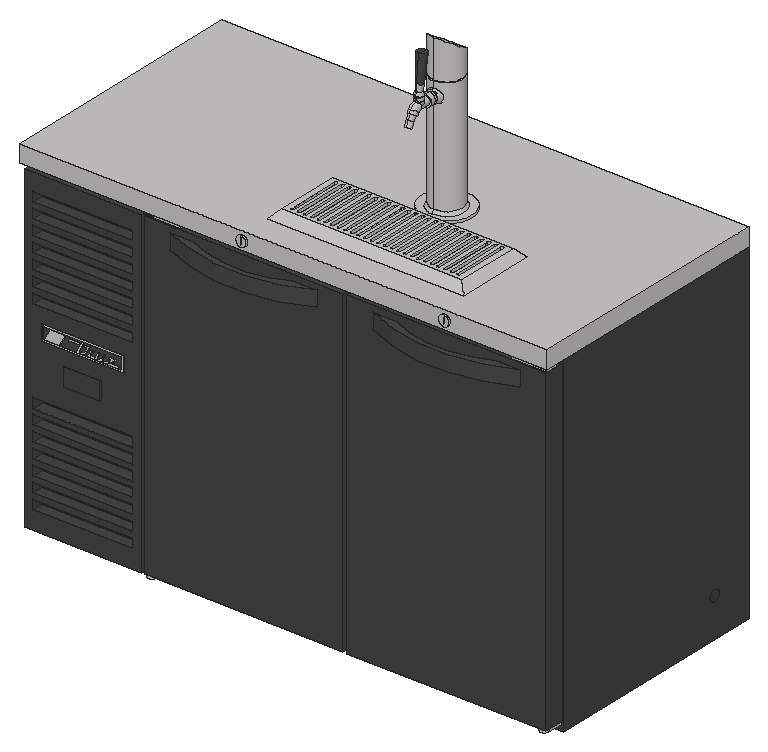
Revit family "QF_TRUE_TDR52-RISZ1-L-B-SS-1", category Specialty Equipment, Revit 2016 (continued)
Definition of nested family "TDR52-RISZ1-L-B-SS-1"
  Definition of nested family "QF_LOGO_TRUE"
    Forms (in)
      Extrusion 1, solid, visible <- "Show Logo"
        sketch origin (-78.34647, 34.76905, -30.51001) x (1, 0, 0) y (0, 0, 1)
          loop
            line (83.87619, 31.04323) -> (84.05078, 31.41763) -> (83.92772, 31.41763) -> (83.72676, 30.98668)
            arc (83.72676, 30.98668) -> (83.68011, 30.94003) -> (83.61639, 30.92296) r 0.12745
            line (83.61639, 30.92296) -> (83.26484, 30.92296)
            arc (83.26484, 30.92296) -> (83.2017, 30.9524) -> (83.19563, 31.0218) r 0.06967
            line (83.19563, 31.0218) -> (83.31118, 31.26961) -> (83.47452, 31.26961)
            arc (83.47452, 31.26961) -> (83.50209, 31.35268) -> (83.56075, 31.41763) r 0.21289
            line (83.56075, 31.41763) -> (82.92244, 31.41763)
            arc (82.92244, 31.41763) -> (82.85151, 31.40191) -> (82.80242, 31.34834) r 0.12081
            line (82.80242, 31.34834) -> (82.6294, 30.9773)
            arc (82.6294, 30.9773) -> (82.58962, 30.93752) -> (82.53528, 30.92296) r 0.10869
            line (82.53528, 30.92296) -> (82.1542, 30.92296)
            arc (82.1542, 30.92296) -> (82.12446, 30.96315) -> (82.13012, 31.01283) r 0.06822
            line (82.13012, 31.01283) -> (82.38156, 31.48573) -> (83.01596, 31.48573) -> (83.09469, 31.65456) -> (82.46029, 31.65456) -> (82.53902, 31.8234) -> (82.31334, 31.8234) -> (82.23461, 31.65456) -> (81.15226, 31.65456)
          loop
            arc (85.15937, 31.26434) -> (85.13191, 31.25698) -> (85.1118, 31.23688) r 0.05494
            line (85.1118, 31.23688) -> (85.09547, 31.18665)
            arc (85.09547, 31.18665) -> (85.10304, 31.16837) -> (85.12133, 31.16079) r 0.02586
            line (85.12133, 31.16079) -> (85.39889, 31.16079)
            arc (85.39889, 31.16079) -> (85.41888, 31.16523) -> (85.43513, 31.1777) r 0.04731
            line (85.43513, 31.1777) -> (85.44863, 31.2402)
            arc (85.44863, 31.2402) -> (85.44466, 31.25693) -> (85.42914, 31.26434) r 0.01994
            line (85.42914, 31.26434) -> (85.15937, 31.26434)
          loop
            line (78.62961, 30.74125) -> (80.12032, 30.74125) -> (80.73891, 31.81268) -> (79.2482, 31.81268) -> (78.62961, 30.74125)
        from 34.76797 to 34.83173
      Extrusion 2, solid, visible <- "Show Logo"
        sketch origin (-142.84857, 34.75108, -33.3546) x (1, 0, 0) y (0, 0, 1)
          loop
            line (150.81107, 34.71978) -> (142.98607, 34.71978) -> (142.98607, 33.4921) -> (150.81107, 33.4921) -> (150.81107, 34.71978)
        from 34.75108 to 34.78125
      Extrusion 3, solid, visible <- "Show Logo"
        sketch origin (-142.84857, 34.75108, -33.3546) x (1, 0, 0) y (0, 0, 1)
          loop
            line (150.94857, 34.85727) -> (142.84857, 34.85727) -> (142.84857, 33.3546) -> (150.94857, 33.3546) -> (150.94857, 34.85727)
          loop
            line (142.98607, 34.71978) -> (142.98607, 33.4921) -> (150.81107, 33.4921) -> (150.81107, 34.71978) -> (142.98607, 34.71978)
        from 34.75108 to 34.81376
      Extrusion 4, solid, not visible
        sketch origin (121.45701, -16.5, 4.98235) x (1, 0, 0) y (0, 0, 1)
          loop
            line (25.20115, 35.89949) -> (25.20115, 33.96647) -> (30.95381, 33.96647) -> (30.95381, 35.89949) -> (25.20115, 35.89949)
        from 31.5 to 31.54261
      Extrusion 5, solid, not visible
        sketch origin (121.45701, -16.5, 4.98235) x (1, 0, 0) y (0, 0, 1)
          loop
            line (26.7387, 34.95472) -> (26.61492, 34.49276) -> (27.038, 34.49276)
            arc (27.038, 34.49276) -> (27.13117, 34.52484) -> (27.18485, 34.60749) r 0.15134
            arc (27.18485, 34.60749) -> (27.20396, 34.68138) -> (27.22435, 34.75493) r 4.37326
            arc (27.22435, 34.75493) -> (27.23458, 34.81765) -> (27.22435, 34.88037) r 0.1974
            arc (27.22435, 34.88037) -> (27.18247, 34.93579) -> (27.11563, 34.95472) r 0.10914
            line (27.11563, 34.95472) -> (26.7387, 34.95472)
          loop
            line (26.90201, 34.80638) -> (26.84645, 34.59903) -> (26.92855, 34.59903)
            arc (26.92855, 34.59903) -> (26.98205, 34.6185) -> (27.01051, 34.6678) r 0.08322
            line (27.01051, 34.6678) -> (27.02399, 34.74424)
            arc (27.02399, 34.74424) -> (27.01491, 34.78454) -> (26.97985, 34.80638) r 0.05353
            line (26.97985, 34.80638) -> (26.90201, 34.80638)
          loop
            line (27.45336, 34.66131) -> (27.76233, 34.66131) -> (27.78859, 34.73909)
            arc (27.78859, 34.73909) -> (27.7878, 34.82039) -> (27.73107, 34.87864) r 0.10925
            arc (27.73107, 34.87864) -> (27.68233, 34.8944) -> (27.63139, 34.89974) r 0.24595
            line (27.63139, 34.89974) -> (27.46708, 34.89974)
            arc (27.46708, 34.89974) -> (27.4068, 34.88073) -> (27.3535, 34.84677) r 0.2421
            arc (27.3535, 34.84677) -> (27.2897, 34.76363) -> (27.26702, 34.66131) r 0.2421
            line (27.26702, 34.66131) -> (27.26702, 34.54477)
            arc (27.26702, 34.54477) -> (27.31618, 34.4956) -> (27.38334, 34.47761) r 0.13431
            line (27.38334, 34.47761) -> (27.59054, 34.47761)
            arc (27.59054, 34.47761) -> (27.63459, 34.48281) -> (27.67622, 34.49812) r 0.18924
            line (27.67622, 34.49812) -> (27.73102, 34.61563)
            arc (27.73102, 34.61563) -> (27.68453, 34.59565) -> (27.63566, 34.58252) r 0.35376
            arc (27.63566, 34.58252) -> (27.55885, 34.56956) -> (27.48204, 34.58252) r 0.23415
            arc (27.48204, 34.58252) -> (27.44492, 34.61362) -> (27.45336, 34.66131) r 0.04838
          loop
            line (27.4842, 34.73042) -> (27.62012, 34.73042) -> (27.62621, 34.76496)
            arc (27.62621, 34.76496) -> (27.58961, 34.80242) -> (27.53739, 34.80638) r 0.0742
            arc (27.53739, 34.80638) -> (27.49747, 34.77773) -> (27.4842, 34.73042) r 0.0742
          loop
            line (27.91616, 34.97572) -> (27.78675, 34.49276) -> (27.98645, 34.49276) -> (28.11586, 34.97572) -> (27.91616, 34.97572)
          loop
            line (28.13678, 34.66131) -> (28.08755, 34.47761) -> (28.27134, 34.47761) -> (28.32056, 34.66131) -> (28.43674, 34.66131) -> (28.47974, 34.78864) -> (28.36519, 34.78864)
            arc (28.36519, 34.78864) -> (28.35733, 34.81649) -> (28.36921, 34.84288) r 0.04231
            arc (28.36921, 34.84288) -> (28.431, 34.8652) -> (28.49617, 34.85686) r 0.13988
            line (28.49617, 34.85686) -> (28.53544, 34.97317)
            arc (28.53544, 34.97317) -> (28.39725, 34.99096) -> (28.25905, 34.97317) r 0.54546
            arc (28.25905, 34.97317) -> (28.20849, 34.91994) -> (28.18197, 34.85147) r 0.1894
            line (28.18197, 34.85147) -> (28.17089, 34.78864) -> (28.11397, 34.78864) -> (28.07985, 34.66131) -> (28.13678, 34.66131)
          loop
            arc (28.74846, 34.89756) -> (28.65884, 34.88533) -> (28.56922, 34.89756) r 0.33455
            line (28.56922, 34.89756) -> (28.45669, 34.47761) -> (28.63593, 34.47761) -> (28.74846, 34.89756)
          loop
            arc (28.60398, 35.01195) -> (28.57699, 34.97173) -> (28.60398, 34.9315) r 0.04347
            line (28.60398, 34.9315) -> (28.75755, 34.9315)
            arc (28.75755, 34.9315) -> (28.78645, 34.96687) -> (28.77911, 35.01195) r 0.0556
            line (28.77911, 35.01195) -> (28.60398, 35.01195)
          loop
            line (28.95336, 34.66131) -> (29.26233, 34.66131) -> (29.28859, 34.73909)
            arc (29.28859, 34.73909) -> (29.2878, 34.82039) -> (29.23107, 34.87864) r 0.10925
            arc (29.23107, 34.87864) -> (29.18233, 34.8944) -> (29.13139, 34.89974) r 0.24595
            line (29.13139, 34.89974) -> (28.96708, 34.89974)
            arc (28.96708, 34.89974) -> (28.9068, 34.88073) -> (28.8535, 34.84677) r 0.2421
            arc (28.8535, 34.84677) -> (28.7897, 34.76363) -> (28.76702, 34.66131) r 0.2421
            line (28.76702, 34.66131) -> (28.76702, 34.54477)
            arc (28.76702, 34.54477) -> (28.81618, 34.4956) -> (28.88334, 34.47761) r 0.13431
            line (28.88334, 34.47761) -> (29.09054, 34.47761)
            arc (29.09054, 34.47761) -> (29.13459, 34.48281) -> (29.17622, 34.49812) r 0.18924
            line (29.17622, 34.49812) -> (29.23102, 34.61563)
            arc (29.23102, 34.61563) -> (29.18453, 34.59565) -> (29.13566, 34.58252) r 0.35376
            arc (29.13566, 34.58252) -> (29.05885, 34.56956) -> (28.98204, 34.58252) r 0.23415
            arc (28.98204, 34.58252) -> (28.94492, 34.61362) -> (28.95336, 34.66131) r 0.04838
          loop
            line (28.9842, 34.73042) -> (29.12012, 34.73042) -> (29.12621, 34.76496)
            arc (29.12621, 34.76496) -> (29.08961, 34.80242) -> (29.03739, 34.80638) r 0.0742
            arc (29.03739, 34.80638) -> (28.99747, 34.77773) -> (28.9842, 34.73042) r 0.0742
          loop
            line (29.41616, 34.97572) -> (29.28675, 34.49276) -> (29.48645, 34.49276) -> (29.61586, 34.97572) -> (29.41616, 34.97572)
          loop
            line (29.99836, 34.97572) -> (29.95192, 34.80242)
            arc (29.95192, 34.80242) -> (29.94473, 34.85705) -> (29.90102, 34.89059) r 0.07199
            arc (29.90102, 34.89059) -> (29.80023, 34.89941) -> (29.70251, 34.87322) r 0.29131
            arc (29.70251, 34.87322) -> (29.61806, 34.7652) -> (29.5896, 34.63108) r 0.30433
            line (29.5896, 34.63108) -> (29.5896, 34.55572)
            arc (29.5896, 34.55572) -> (29.61075, 34.50463) -> (29.66184, 34.48348) r 0.07224
            line (29.66184, 34.48348) -> (29.78537, 34.48348)
            arc (29.78537, 34.48348) -> (29.83854, 34.51313) -> (29.88504, 34.55243) r 0.31609
            line (29.88504, 34.55243) -> (29.86905, 34.49276) -> (30.05973, 34.49276) -> (30.18914, 34.97572) -> (29.99836, 34.97572)
          loop
            arc (29.84537, 34.75931) -> (29.79424, 34.71128) -> (29.77745, 34.64317) r 0.12371
            arc (29.77745, 34.64317) -> (29.80071, 34.59901) -> (29.85056, 34.59647) r 0.05045
            arc (29.85056, 34.59647) -> (29.90141, 34.64047) -> (29.92536, 34.7033) r 0.13769
            arc (29.92536, 34.7033) -> (29.90211, 34.75521) -> (29.84537, 34.75931) r 0.05543
          loop
            line (26.45047, 35.26762) -> (26.58211, 35.26762)
            arc (26.58211, 35.26762) -> (26.60467, 35.30821) -> (26.62126, 35.35157) r 0.3277
            arc (26.62126, 35.35157) -> (26.62714, 35.39992) -> (26.60877, 35.44503) r 0.09693
            arc (26.60877, 35.44503) -> (26.56454, 35.48868) -> (26.50462, 35.50516) r 0.12312
            arc (26.50462, 35.50516) -> (26.44158, 35.50565) -> (26.37854, 35.50546) r 5.76967
            arc (26.37854, 35.50546) -> (26.07462, 35.42923) -> (25.81045, 35.26076) r 0.97743
            line (25.81045, 35.26076) -> (25.85921, 35.26076)
            arc (25.85921, 35.26076) -> (26.08494, 35.39361) -> (26.3396, 35.45485) r 0.88817
            arc (26.3396, 35.45485) -> (26.41429, 35.44188) -> (26.47267, 35.39352) r 0.14748
            arc (26.47267, 35.39352) -> (26.48041, 35.32725) -> (26.45047, 35.26762) r 0.11636
          loop
            arc (26.35412, 35.17841) -> (26.19578, 35.0555) -> (26.00982, 34.98069) r 0.72453
            arc (26.00982, 34.98069) -> (25.9036, 34.95581) -> (25.79459, 34.9604) r 0.40201
            arc (25.79459, 34.9604) -> (25.7275, 34.98819) -> (25.69972, 35.05528) r 0.09488
            arc (25.69972, 35.05528) -> (25.71867, 35.12629) -> (25.77049, 35.17841) r 0.1425
            line (25.77049, 35.17841) -> (25.73665, 35.18748)
            arc (25.73665, 35.18748) -> (25.67632, 35.09876) -> (25.66924, 34.99171) r 0.20432
            arc (25.66924, 34.99171) -> (25.71443, 34.9227) -> (25.79473, 34.90384) r 0.11116
            arc (25.79473, 34.90384) -> (25.91172, 34.89904) -> (26.02716, 34.91862) r 0.56145
            arc (26.02716, 34.91862) -> (26.27675, 35.021) -> (26.49584, 35.17841) r 1.15683
            line (26.49584, 35.17841) -> (26.35412, 35.17841)
        from 31.54261 to 31.56272
    Dimensions and locks (in)
      aligned and locked: level to plane 2
      aligned and locked: Extrusion 2 to Extrusion 3  (x2)
      aligned and locked: Extrusion 2 sketch curve to Extrusion 3
Definition of nested family "CASTORS & LEGS"
  Parameters (values of type "CASTORS & LEGS")
    Weight = ""
    URL Manufacturer = ""
    URL Cutsheet = ""
    URL = ""
    Type Mark [instance] = ""
    Status [instance] = ""
    Specification by User [instance] = ""
    Specification by Manufacturer = ""
    Show Legs with Flandge [instance] = yes
    Show Legs [instance] = yes
    Show Leg Levelers [instance] = yes
    Show 1 Inch Rollers [instance] = yes
    Show 5 Inches Castors [instance] = yes
    Show 4 Inches Castors [instance] = yes
    Show 3 Inches Castors [instance] = yes
    Show 2 Inches Castors [instance] = yes
    Serial Number = ""
    Seismic Rating = ""
    SMACNA No = ""
    Revision Code [instance] = ""
    Omniclass Number and Title = ""
    NAFEM Spec ID Number = ""
    Model = ""
    MasterSpec. = ""
    Manufacturer = ""
    Item Number [instance] = ""
    Installed By [instance] = ""
    Identify Quantity as Lot [instance] = yes
    Furnished By [instance] = ""
    Foodservice Equipment Identifier [instance] = yes
    Description = ""
    CSI MasterFormat = ""
    CSI Master Format = ""
    Assembly Code = ""
  Reference planes (in)
    plane 1: z = 0
    plane 2 "RIGHT": x = 0
    plane 3 "FRONT": y = 0
    plane 4 "TOP": z = 4
    plane 5: z = 5.75
    plane 6: z = 6
    plane 7: z = 0.875
  Forms (in)
    Revolve 1, solid, visible <- "Show Legs"
      sketch origin (11.12172, 0, 0) x (-1, 0, 0) y (0, 0, -1)
        loop
          line (11.12172, -6) -> (11.12172, 0) -> (10.62172, 0) -> (10.62172, -0.5) -> (10.37172, -0.5) -> (10.37172, -6) -> (11.12172, -6)
        axis (11.12172, 0) -> (11.12172, -6)
      angle from 0 to 360
    Revolve 2, solid, visible <- "Show Legs with Flandge"
      sketch origin (11.12172, 0, 0) x (-1, 0, 0) y (0, 0, -1)
        loop
          line (11.12172, -6) -> (11.12172, 0) -> (9.87172, 0) -> (9.87172, -0.25) -> (10.62172, -0.25) -> (10.62172, -0.5) -> (10.37172, -0.5) -> (10.37172, -6) -> (11.12172, -6)
        axis (11.12172, 0) -> (11.12172, -6)
      angle from 0 to 360
    Extrusion 3, solid, visible <- "Show Leg Levelers"
      sketch origin (0, 0, 0) x (1, 0, 0) y (0, 1, 0)
        loop
          circle (0, 0) r 0.75
      from 0 to 0.25
  Dimensions and locks (in)
    plane 4 "TOP" to level = 4"  (x2)
    locked: Revolve 1 sketch curve to Revolve 1 sketch curve at 0.5
    locked: Revolve 1 sketch curve to Revolve 1 sketch curve at 0.75
    locked: Revolve 2 sketch curve to Revolve 2 sketch curve at 0.75
    plane 5 to level = 5 3/4"
    plane 6 to plane 1 = 6"
    nested 1 to plane 1 = 3 1/8"
    nested 3 to level = 5"
    aligned and locked: level to plane 1
  Nested families (in)
    nested 1: "3 INCHES 01_CASTER" at (0, 0, 0), visible <- "Show 2 Inches Castors", type "3 INCHES 01_CASTER"
      with Type Mark "", Specification by User "", Revision Code "", Item Number "", Installed By "", Identify Quantity as Lot yes, Furnished By "", Foodservice Equipment Identifier yes, 3 Inches Caster yes
    nested 2: "HATCO_4 INCHES_CASTER" at (0, -0.75, 0), Show 4 Inches Caster <- "Show 3 Inches Castors", type "HATCO_4 INCHES_CASTER"
      with Type Mark "", Specification by User "", Show 4 Inches Caster yes, Revision Code "", Item Number "", Installed By "", Identify Quantity as Lot yes, Furnished By "", Foodservice Equipment Identifier yes
    nested 3: "5 INCHES 01_CASTER" at (0, 0, 0), visible <- "Show 4 Inches Castors", type "5 INCHES 01_CASTER"
      with Type Mark "", Specification by User "", Show 5" Casters yes, Revision Code "", Key Locks yes, Item Number "", Installed By "", Identify Quantity as Lot yes, Furnished By "", Foodservice Equipment Identifier yes
    nested 4: "7-8 INCHES_CASTER" at (0, 0, 0), visible <- "Show 1 Inch Rollers", type "7-8 INCHES_CASTER"
      with Type Mark "", Specification by User "", Revision Code "", Item Number "", Installed By "", Identify Quantity as Lot yes, Furnished By "", Foodservice Equipment Identifier yes, 2.5 Inches Caster yes
    nested 5: "6 INCHES 02_CASTER" at (0, 0, 0), visible <- "Show 5 Inches Castors", Show Casters <- "Show 5 Inches Castors", type "6 INCHES 02_CASTER"
      with Type Mark "", Specification by User "", Show Casters yes, Revision Code "", Item Number "", Installed By "", Identify Quantity as Lot yes, Furnished By "", Foodservice Equipment Identifier yes
  Definition of nested family "3 INCHES 01_CASTER"
    Parameters (values of type "3 INCHES 01_CASTER")
      Weight = ""
      URL Manufacturer = ""
      URL Cutsheet = ""
      URL = ""
      Type Mark [instance] = ""
      Specification by User [instance] = ""
      Specification by Manufacturer = ""
      Serial Number = ""
      Seismic Rating = ""
      SMACNA No = ""
      Revision Code [instance] = ""
      Omniclass Number and Title = ""
      NAFEM Spec ID Number = ""
      Model = ""
      MasterSpec. = ""
      Manufacturer = ""
      Item Number [instance] = ""
      Installed By [instance] = ""
      Identify Quantity as Lot [instance] = yes
      Furnished By [instance] = ""
      Foodservice Equipment Identifier [instance] = yes
      Description = ""
      CSI MasterFormat = ""
      CSI Master Format = ""
      Assembly Code = ""
      3 Inches Caster [instance] = yes
    Reference planes (in)
      plane 1: z = 0
      plane 2 "RIGHT": x = 0
      plane 3 "FRONT": y = 0
      plane 4 "TOP": z = 3.125
    Forms (in)
      Revolve 1, solid, visible <- "3 Inches Caster"
        sketch origin (-1.93794, 0.56004, -1.0041) x (1, 0, 0) y (0, 0, 1)
          loop
            line (0.74055, 2.11347) -> (0.74055, 2.03797) -> (0.79055, 1.98797) -> (0.85055, 1.98797) -> (0.85055, 1.8679) -> (1.235, 1.8679) -> (1.235, 1.7068) -> (1.36441, 1.63209) -> (1.4003, 1.41035) -> (1.34375, 1.41035) -> (1.34375, 1.28535) -> (1.375, 1.28535) -> (1.375, 1.0041) -> (2.48438, 1.0041) -> (2.48438, 1.28535) -> (2.51563, 1.28535) -> (2.51563, 1.41035) -> (2.45908, 1.41035) -> (2.49553, 1.6356) -> (2.62438, 1.70999) -> (2.62438, 1.8679) -> (3.04007, 1.8679) -> (3.04007, 1.98797) -> (3.10007, 1.98797) -> (3.15007, 2.03797) -> (3.15007, 2.11347) -> (0.74055, 2.11347)
          axis (0.74055, 2.11347) -> (3.15007, 2.11347)
        angle from 0 to 360
      Extrusion 2, solid, visible <- "3 Inches Caster"
        sketch origin (-1.93794, 1.35294, -3.2541) x (0, 1, 0) y (0, 0, 1)
          loop
            line (-0.41094, 5.86793) -> (-0.41094, 6.01276) -> (-2.29494, 6.01276) -> (-2.29494, 5.71244) -> (-1.82301, 5.71244)
            arc (-1.82301, 5.71244) -> (-1.00307, 5.59865) -> (-0.19592, 5.41488) r 9.6332
            arc (-0.19592, 5.41488) -> (0.12646, 5.29481) -> (0.42224, 5.11916) r 1.92059
            line (0.42224, 5.11916) -> (0.51314, 5.245)
            arc (0.51314, 5.245) -> (0.27353, 5.42569) -> (0.01201, 5.5729) r 2.25036
            line (0.01201, 5.5729) -> (0.09371, 5.71426)
            arc (0.09371, 5.71426) -> (-0.15272, 5.81043) -> (-0.41094, 5.86793) r 1.73151
        from 1.17357 to 2.70231
      Revolve 3, solid, visible <- "3 Inches Caster"
        sketch origin (0, 1.73858, -3.25) x (0, 1, 0) y (0, 0, 1)
          loop
            line (-1.73858, 6.375) -> (-1.73858, 6.00866) -> (-0.93293, 6.00866) -> (-0.93293, 6.375) -> (-1.73858, 6.375)
          axis (-1.73858, 6.00866) -> (-1.73858, 6.375)
        angle from 0 to 360
      Extrusion 4, solid, visible <- "3 Inches Caster"
        sketch origin (-1.98481, 1.35294, -1.7541) x (0, 1, 0) y (0, 0, 1)
          loop
            line (-2.29494, 4.51276) -> (-2.29494, 4.21244) -> (-2.2074, 4.21244)
            arc (-2.2074, 4.21244) -> (-1.58796, 3.87196) -> (-1.3103, 3.22193) r 1.0835
            arc (-1.3103, 3.22193) -> (-1.27304, 2.98711) -> (-1.19616, 2.76214) r 1.38462
            arc (-1.19616, 2.76214) -> (-0.77704, 2.49744) -> (-0.37393, 2.78593) r 0.44401
            arc (-0.37393, 2.78593) -> (-0.35491, 2.84407) -> (-0.34077, 2.90358) r 0.74034
            arc (-0.34077, 2.90358) -> (-0.07302, 3.38916) -> (0.4279, 3.62699) r 0.90376
            line (0.4279, 3.62699) -> (0.51314, 3.745)
            arc (0.51314, 3.745) -> (0.27353, 3.92569) -> (0.01201, 4.0729) r 2.25036
            line (0.01201, 4.0729) -> (0.09371, 4.21426)
            arc (0.09371, 4.21426) -> (-0.15272, 4.31043) -> (-0.41094, 4.36793) r 1.73151
            line (-0.41094, 4.36793) -> (-0.41094, 4.51276) -> (-2.29494, 4.51276)
        from 2.74918 to 2.90825
      Extrusion 5, solid, visible <- "3 Inches Caster"
        sketch origin (1.98481, 1.35294, -1.7541) x (0, 1, 0) y (0, 0, -1)
          loop
            line (-2.29494, -4.51276) -> (-0.41094, -4.51276) -> (-0.41094, -4.36793)
            arc (-0.41094, -4.36793) -> (-0.15272, -4.31043) -> (0.09371, -4.21426) r 1.73151
            line (0.09371, -4.21426) -> (0.01201, -4.0729)
            arc (0.01201, -4.0729) -> (0.27353, -3.92569) -> (0.51314, -3.745) r 2.25036
            line (0.51314, -3.745) -> (0.4279, -3.62699)
            arc (0.4279, -3.62699) -> (-0.07302, -3.38916) -> (-0.34077, -2.90358) r 0.90376
            arc (-0.34077, -2.90358) -> (-0.35491, -2.84407) -> (-0.37393, -2.78593) r 0.74034
            arc (-0.37393, -2.78593) -> (-0.77704, -2.49744) -> (-1.19616, -2.76214) r 0.44401
            arc (-1.19616, -2.76214) -> (-1.27304, -2.98711) -> (-1.3103, -3.22193) r 1.38462
            arc (-1.3103, -3.22193) -> (-1.58796, -3.87196) -> (-2.2074, -4.21244) r 1.0835
            line (-2.2074, -4.21244) -> (-2.29494, -4.21244) -> (-2.29494, -4.51276)
        from 2.74918 to 2.90825
    Cuts and joins
      joined: Extrusion 2, Extrusion 4, Extrusion 5
    Lines and regions (in)
      symbolic lines, visible <- "3 Inches Caster"
        curve 1: line (0.1877, 1.65194, 0) -> (0.89063, 1.2461, 0)
        curve 2: line (-1.00175, -0.40823, 0) -> (0.1877, 1.65194, 0)
        curve 3: line (-0.29881, -0.81407, 0) -> (-1.00175, -0.40823, 0)
        curve 4: line (0.89063, 1.2461, 0) -> (-0.29881, -0.81407, 0)
    Dimensions and locks (in)
      plane 4 "TOP" to level = 3 1/8"  (x2)
      aligned and locked: level to plane 1
  Definition of nested family "HATCO_4 INCHES_CASTER"
    Parameters (values of type "HATCO_4 INCHES_CASTER")
      URL Manufacturer = ""
      URL Cutsheet = ""
      URL = ""
      Type Mark [instance] = ""
      Specification by User [instance] = ""
      Specification by Manufacturer = ""
      Serial Number = ""
      Seismic Rating = ""
      SMACNA No = ""
      Revision Code [instance] = ""
      Omniclass Number and Title = ""
      NAFEM Spec ID Number = ""
      Model = ""
      Manufacturer = ""
      Item Number [instance] = ""
      Installed By [instance] = ""
      Identify Quantity as Lot [instance] = yes
      Furnished By [instance] = ""
      Foodservice Equipment Identifier [instance] = yes
      Description = ""
      CSI MasterFormat = ""
      CSI Master Format = ""
      Assembly Code = ""
      Show 4 Inches Caster [instance] = yes
    Reference planes (in)
      plane 1: z = 0
      plane 2 "RIGHT": x = 0
      plane 3 "FRONT": y = 0
      plane 4 "TOP": z = 4
    Forms (in)
      Revolve 1, solid, visible <- "Show 4 Inches Caster"
        sketch origin (-1.93794, 0.83816, -1.0041) x (1, 0, 0) y (0, 0, 1)
          loop
            line (0.74055, 2.5041) -> (3.15007, 2.5041) -> (3.15007, 2.5796) -> (3.10007, 2.6296) -> (3.04007, 2.6296) -> (3.04007, 2.74967) -> (2.62438, 2.74967) -> (2.62438, 2.93884) -> (2.48438, 3.01967) -> (2.45908, 3.17597) -> (2.51563, 3.17597) -> (2.51563, 3.41035) -> (2.48438, 3.41035) -> (2.48438, 4.0041) -> (1.375, 4.0041) -> (1.375, 3.41035) -> (1.34375, 3.41035) -> (1.34375, 3.17597) -> (1.4003, 3.17597) -> (1.37557, 3.02318) -> (1.235, 2.94202) -> (1.235, 2.74967) -> (0.85055, 2.74967) -> (0.85055, 2.6296) -> (0.79055, 2.6296) -> (0.74055, 2.5796) -> (0.74055, 2.5041)
          axis (0.74055, 2.5041) -> (3.15007, 2.5041)
        angle from 0 to 360
      Extrusion 2, solid, visible <- "Show 4 Inches Caster"
        sketch origin (-1.93794, 1.80294, -1.7541) x (0, 1, 0) y (0, 0, 1)
          loop
            line (-3.08794, 5.33423) -> (-3.08794, 5.00584) -> (-2.69466, 5.00584)
            arc (-2.69466, 5.00584) -> (-1.57175, 4.94895) -> (-0.46376, 4.75787) r 9.36411
            arc (-0.46376, 4.75787) -> (-0.05889, 4.58436) -> (0.28335, 4.30705) r 1.60049
            line (0.28335, 4.30705) -> (0.34449, 4.39437)
            arc (0.34449, 4.39437) -> (0.12713, 4.6163) -> (-0.1239, 4.79931) r 1.8753
            line (-0.1239, 4.79931) -> (-0.05749, 4.91421)
            arc (-0.05749, 4.91421) -> (-0.33807, 5.05694) -> (-0.64294, 5.13542) r 1.44292
            line (-0.64294, 5.13542) -> (-0.64294, 5.33423) -> (-3.08794, 5.33423)
        from 1.1267 to 2.74918
      Revolve 3, solid, visible <- "Show 4 Inches Caster"
        sketch origin (0, 2.15543, -2.25) x (0, 1, 0) y (0, 0, 1)
          loop
            line (-2.21793, 6.25) -> (-2.21793, 5.83014) -> (-1.05793, 5.83014) -> (-1.05793, 6.25) -> (-2.21793, 6.25)
          axis (-2.21793, 5.83014) -> (-2.21793, 6.25)
        angle from 0 to 360
      Extrusion 4, solid, visible <- "Show 4 Inches Caster"
        sketch origin (-1.93794, 1.80294, -1.7541) x (0, 1, 0) y (0, 0, 1)
          loop
            line (-3.08794, 5.33423) -> (-3.08794, 5.00584) -> (-2.8913, 5.00584)
            arc (-2.8913, 5.00584) -> (-2.09118, 4.14057) -> (-1.45681, 3.14736) r 6.63355
            arc (-1.45681, 3.14736) -> (-0.85703, 2.75969) -> (-0.4561, 3.35069) r 0.5107
            arc (-0.4561, 3.35069) -> (-0.27092, 3.92503) -> (0.24034, 4.24562) r 0.88136
            line (0.24034, 4.24562) -> (0.34449, 4.39437)
            arc (0.34449, 4.39437) -> (0.12713, 4.6163) -> (-0.1239, 4.79931) r 1.8753
            line (-0.1239, 4.79931) -> (-0.05749, 4.91421)
            arc (-0.05749, 4.91421) -> (-0.33807, 5.05694) -> (-0.64294, 5.13542) r 1.44292
            line (-0.64294, 5.13542) -> (-0.64294, 5.33423) -> (-3.08794, 5.33423)
        from 2.74918 to 2.90825
      Extrusion 5, solid, visible <- "Show 4 Inches Caster"
        sketch origin (1.93794, 1.80294, -1.7541) x (0, 1, 0) y (0, 0, -1)
          loop
            line (-3.08794, -5.33423) -> (-0.64294, -5.33423) -> (-0.64294, -5.13542)
            arc (-0.64294, -5.13542) -> (-0.33807, -5.05694) -> (-0.05749, -4.91421) r 1.44292
            line (-0.05749, -4.91421) -> (-0.1239, -4.79931)
            arc (-0.1239, -4.79931) -> (0.12713, -4.6163) -> (0.34449, -4.39437) r 1.8753
            line (0.34449, -4.39437) -> (0.24034, -4.24562)
            arc (0.24034, -4.24562) -> (-0.27092, -3.92503) -> (-0.4561, -3.35069) r 0.88136
            arc (-0.4561, -3.35069) -> (-0.85703, -2.75969) -> (-1.45681, -3.14736) r 0.5107
            arc (-1.45681, -3.14736) -> (-2.09118, -4.14057) -> (-2.8913, -5.00584) r 6.63355
            line (-2.8913, -5.00584) -> (-3.08794, -5.00584) -> (-3.08794, -5.33423)
        from 2.74918 to 2.90825
    Cuts and joins
      joined: Extrusion 2, Extrusion 4, Extrusion 5
    Lines and regions (in)
      symbolic lines, visible <- "Show 4 Inches Caster"
        curve 1: line (0.28481, 2.83041, 0) -> (1.24556, 2.27572, 0)
        curve 2: line (-1.26206, 0.15114, 0) -> (-0.69281, 1.13711, 0)
        curve 3: line (-0.30132, -0.40355, 0) -> (-1.26206, 0.15114, 0)
        curve 4: line (1.24556, 2.27572, 0) -> (0.69868, 1.3285, 0)
        curve 5: line (-0.2461, 1.91084, 0) -> (0.28481, 2.83041, 0)
        curve 6: line (0.19868, 0.46248, 0) -> (-0.30132, -0.40355, 0)
    Dimensions and locks (in)
      plane 4 "TOP" to level = 4"  (x2)
      aligned and locked: level to plane 1
  Definition of nested family "5 INCHES 01_CASTER"
    Parameters (values of type "5 INCHES 01_CASTER")
      Weight = ""
      URL Manufacturer = ""
      URL Cutsheet = ""
      URL = ""
      Type Mark [instance] = ""
      Specification by User [instance] = ""
      Specification by Manufacturer = ""
      Show 5" Casters [instance] = yes
      Serial Number = ""
      Seismic Rating = ""
      SMACNA No = ""
      Revision Code [instance] = ""
      Omniclass Number and Title = ""
      NAFEM Spec ID Number = ""
      Model = ""
      MasterSpec. = ""
      Manufacturer = ""
      Key Locks [instance] = yes
      Item Number [instance] = ""
      Installed By [instance] = ""
      Identify Quantity as Lot [instance] = yes
      Furnished By [instance] = ""
      Foodservice Equipment Identifier [instance] = yes
      Description = ""
      CSI MasterFormat = ""
      CSI Master Format = ""
      Assembly Code = ""
    Reference planes (in)
      plane 1: z = 0
      plane 2 "RIGHT": x = 0
      plane 3 "FRONT": y = 0
      plane 4 "TOP": z = 5
    Forms (in)
      Revolve 1, solid, visible <- "Show 5" Casters"
        sketch origin (-1.93794, 0.99859, -1.0041) x (1, 0, 0) y (0, 0, 1)
          loop
            line (0.74055, 3.0041) -> (0.74055, 2.9286) -> (0.79055, 2.8786) -> (0.85055, 2.8786) -> (0.85055, 2.75852) -> (1.235, 2.75852) -> (1.235, 2.56618) -> (1.37557, 2.48502) -> (1.49133, 1.76972) -> (1.34375, 1.76972) -> (1.34375, 1.53535) -> (1.375, 1.53535) -> (1.375, 1.0041) -> (2.48438, 1.0041) -> (2.48438, 1.53535) -> (2.51563, 1.53535) -> (2.51563, 1.76972) -> (2.36805, 1.76972) -> (2.48438, 2.48853) -> (2.62438, 2.56936) -> (2.62438, 2.75852) -> (3.04007, 2.75852) -> (3.04007, 2.8786) -> (3.10007, 2.8786) -> (3.15007, 2.9286) -> (3.15007, 3.0041) -> (0.74055, 3.0041)
          axis (0.74055, 3.0041) -> (3.15007, 3.0041)
        angle from 0 to 360
      Extrusion 2, solid, visible <- "Show 5" Casters"
        sketch origin (-1.93794, 1.96337, -0.7541) x (0, 1, 0) y (0, 0, 1)
          loop
            line (-3.37739, 5.33423) -> (-3.37739, 4.92712) -> (-2.49294, 4.92712)
            arc (-2.49294, 4.92712) -> (-1.47209, 4.91752) -> (-0.46376, 4.75787) r 6.92153
            arc (-0.46376, 4.75787) -> (0.14199, 4.53396) -> (0.67481, 4.16904) r 2.62713
            line (0.67481, 4.16904) -> (0.7876, 4.33012)
            arc (0.7876, 4.33012) -> (0.48098, 4.5674) -> (0.13288, 4.73811) r 1.91675
            line (0.13288, 4.73811) -> (0.21197, 4.87494)
            arc (0.21197, 4.87494) -> (-0.1576, 5.02102) -> (-0.54934, 5.08775) r 1.91675
            line (-0.54934, 5.08775) -> (-0.54934, 5.33423) -> (-3.37739, 5.33423)
        from 1.17357 to 2.70231
      Revolve 3, solid, visible <- "Show 5" Casters"
        sketch origin (0, 2.15543, -1.25) x (0, 1, 0) y (0, 0, 1)
          loop
            line (-2.21793, 6.25) -> (-2.21793, 5.83014) -> (-1.05793, 5.83014) -> (-1.05793, 6.25) -> (-2.21793, 6.25)
          axis (-2.21793, 5.83014) -> (-2.21793, 6.25)
        angle from 0 to 360
      Extrusion 4, solid, visible <- "Show 5" Casters"
        sketch origin (-1.98481, 1.96337, -0.7541) x (0, 1, 0) y (0, 0, 1)
          loop
            line (-3.37739, 5.33423) -> (-3.37739, 4.92712) -> (-3.13361, 4.92712)
            arc (-3.13361, 4.92712) -> (-2.12623, 3.92533) -> (-1.55834, 2.62307) r 3.79122
            arc (-1.55834, 2.62307) -> (-0.81477, 2.14247) -> (-0.31772, 2.87515) r 0.63314
            arc (-0.31772, 2.87515) -> (-0.02244, 3.67728) -> (0.68637, 4.15498) r 1.39003
            line (0.68637, 4.15498) -> (0.7876, 4.33012)
            arc (0.7876, 4.33012) -> (0.48098, 4.5674) -> (0.13288, 4.73811) r 1.91675
            line (0.13288, 4.73811) -> (0.21197, 4.87494)
            arc (0.21197, 4.87494) -> (-0.1576, 5.02102) -> (-0.54934, 5.08775) r 1.91675
            line (-0.54934, 5.08775) -> (-0.54934, 5.33423) -> (-3.37739, 5.33423)
        from 2.74918 to 2.90825
      Extrusion 5, solid, visible <- "Show 5" Casters"
        sketch origin (1.98481, 1.96337, -0.7541) x (0, 1, 0) y (0, 0, -1)
          loop
            line (-3.37739, -5.33423) -> (-0.54934, -5.33423) -> (-0.54934, -5.08775)
            arc (-0.54934, -5.08775) -> (-0.1576, -5.02102) -> (0.21197, -4.87494) r 1.91675
            line (0.21197, -4.87494) -> (0.13288, -4.73811)
            arc (0.13288, -4.73811) -> (0.48098, -4.5674) -> (0.7876, -4.33012) r 1.91675
            line (0.7876, -4.33012) -> (0.68637, -4.15498)
            arc (0.68637, -4.15498) -> (-0.02244, -3.67728) -> (-0.31772, -2.87515) r 1.39003
            arc (-0.31772, -2.87515) -> (-0.81477, -2.14247) -> (-1.55834, -2.62307) r 0.63314
            arc (-1.55834, -2.62307) -> (-2.12623, -3.92533) -> (-3.13361, -4.92712) r 3.79122
            line (-3.13361, -4.92712) -> (-3.37739, -4.92712) -> (-3.37739, -5.33423)
        from 2.74918 to 2.90825
    Cuts and joins
      joined: Extrusion 2, Extrusion 4, Extrusion 5
    Lines and regions (in)
      symbolic lines, visible <- "Show 5" Casters"
        curve 1: line (0.54262, 2.21348, 0) -> (1.50337, 1.65879, 0)
        curve 2: line (-1.45738, -1.25062, 0) -> (-0.70738, 0.04842, 0)
        curve 3: line (-0.49663, -1.80531, 0) -> (-1.45738, -1.25062, 0)
        curve 4: line (1.50337, 1.65879, 0) -> (0.75337, 0.35975, 0)
        curve 5: line (-0.20738, 0.91444, 0) -> (0.54262, 2.21348, 0)
        curve 6: line (0.25337, -0.50627, 0) -> (-0.49663, -1.80531, 0)
    Dimensions and locks (in)
      plane 4 "TOP" to level = 5"  (x2)
      aligned and locked: level to plane 1
  Definition of nested family "7-8 INCHES_CASTER"
    Parameters (values of type "7-8 INCHES_CASTER")
      Weight = ""
      URL Manufacturer = ""
      URL Cutsheet = ""
      URL = ""
      Type Mark [instance] = ""
      Specification by User [instance] = ""
      Specification by Manufacturer = ""
      Serial Number = ""
      Seismic Rating = ""
      SMACNA No = ""
      Revision Code [instance] = ""
      Omniclass Number and Title = ""
      NAFEM Spec ID Number = ""
      Model = ""
      MasterSpec. = ""
      Manufacturer = ""
      Item Number [instance] = ""
      Installed By [instance] = ""
      Identify Quantity as Lot [instance] = yes
      Furnished By [instance] = ""
      Foodservice Equipment Identifier [instance] = yes
      Description = ""
      CSI MasterFormat = ""
      CSI Master Format = ""
      Assembly Code = ""
      2.5 Inches Caster [instance] = yes
    Reference planes (in)
      plane 1: z = 0
      plane 2 "RIGHT": x = 0
      plane 3 "FRONT": y = 0
      plane 4 "TOP": z = 2.125
      plane 5: z = 0.875
    Forms (in)
      Revolve 1, solid, visible <- "2.5 Inches Caster"
        sketch origin (-1.93794, 0.16358, -1.0041) x (1, 0, 0) y (0, 0, 1)
          loop
            line (2.21963, 1.0041) -> (2.21963, 1.07441) -> (2.16308, 1.07441) -> (2.17665, 1.15827) -> (2.27369, 1.21429) -> (2.27369, 1.29531) -> (1.60219, 1.29531) -> (1.60219, 1.21429) -> (1.69923, 1.15827) -> (1.7128, 1.07441) -> (1.65625, 1.07441) -> (1.65625, 1.0041) -> (2.21963, 1.0041)
          axis (2.27369, 1.29531) -> (1.60219, 1.29531)
        angle from 0 to 360
      Extrusion 2, solid, visible <- "2.5 Inches Caster"
        sketch origin (-1.93794, 1.43296, -4.66527) x (0, 1, 0) y (0, 0, 1)
          loop
            line (-1.16673, 5.3791) -> (-1.71584, 5.3791) -> (-1.71584, 5.33314) -> (-1.62354, 5.33314)
            arc (-1.62354, 5.33314) -> (-1.55924, 5.29737) -> (-1.50495, 5.24769) r 0.31579
            line (-1.50495, 5.24769) -> (-0.93687, 5.24769)
            arc (-0.93687, 5.24769) -> (-0.98865, 5.28224) -> (-1.04346, 5.31172) r 0.65588
            line (-1.04346, 5.31172) -> (-1.01965, 5.35291)
            arc (-1.01965, 5.35291) -> (-1.09203, 5.3725) -> (-1.16673, 5.3791) r 0.4262
        from 1.60219 to 2.27369
      Revolve 3, solid, visible <- "2.5 Inches Caster"
        sketch origin (0, 1.73858, -5) x (0, 1, 0) y (0, 0, 1)
          loop
            line (-1.73858, 5.71382) -> (-1.35578, 5.71382) -> (-1.35578, 5.875) -> (-1.73858, 5.875) -> (-1.73858, 5.71382)
          axis (-1.73858, 5.71382) -> (-1.73858, 5.875)
        angle from 0 to 360
      Extrusion 4, solid, visible <- "2.5 Inches Caster"
        sketch origin (0.33575, 1.43296, -4.66527) x (0, 1, 0) y (0, 0, 1)
          loop
            line (-1.71584, 5.3791) -> (-1.71584, 5.33314) -> (-1.62354, 5.33314)
            arc (-1.62354, 5.33314) -> (-1.48788, 5.22611) -> (-1.42886, 5.06369) r 0.31579
            arc (-1.42886, 5.06369) -> (-1.418, 4.99525) -> (-1.39559, 4.92968) r 0.40356
            arc (-1.39559, 4.92968) -> (-1.27344, 4.85253) -> (-1.15595, 4.93662) r 0.12941
            arc (-1.15595, 4.93662) -> (-1.1504, 4.95356) -> (-1.14628, 4.97091) r 0.21578
            arc (-1.14628, 4.97091) -> (-1.06824, 5.11243) -> (-0.92225, 5.18175) r 0.26341
            line (-0.92225, 5.18175) -> (-0.8974, 5.21614)
            arc (-0.8974, 5.21614) -> (-0.96724, 5.26881) -> (-1.04346, 5.31172) r 0.65588
            line (-1.04346, 5.31172) -> (-1.01965, 5.35291)
            arc (-1.01965, 5.35291) -> (-1.09203, 5.3725) -> (-1.16673, 5.3791) r 0.4262
            line (-1.16673, 5.3791) -> (-1.71584, 5.3791)
        from 0 to 0.0625
      Extrusion 5, solid, visible <- "2.5 Inches Caster"
        sketch origin (-0.33575, 1.43296, -4.66527) x (0, -1, 0) y (0, 0, 1)
          loop
            line (1.71584, 5.3791) -> (1.16673, 5.3791)
            arc (1.16673, 5.3791) -> (1.09203, 5.3725) -> (1.01965, 5.35291) r 0.4262
            line (1.01965, 5.35291) -> (1.04346, 5.31172)
            arc (1.04346, 5.31172) -> (0.96724, 5.26881) -> (0.8974, 5.21614) r 0.65588
            line (0.8974, 5.21614) -> (0.92225, 5.18175)
            arc (0.92225, 5.18175) -> (1.06824, 5.11243) -> (1.14628, 4.97091) r 0.26341
            arc (1.14628, 4.97091) -> (1.1504, 4.95356) -> (1.15595, 4.93662) r 0.21578
            arc (1.15595, 4.93662) -> (1.27344, 4.85253) -> (1.39559, 4.92968) r 0.12941
            arc (1.39559, 4.92968) -> (1.418, 4.99525) -> (1.42886, 5.06369) r 0.40356
            arc (1.42886, 5.06369) -> (1.48788, 5.22611) -> (1.62354, 5.33314) r 0.31579
            line (1.62354, 5.33314) -> (1.71584, 5.33314) -> (1.71584, 5.3791)
        from 0 to 0.0625
    Lines and regions (in)
      symbolic lines, visible <- "2.5 Inches Caster"
        curve 1: line (0.14193, 0.81567, 0) -> (0.64448, 0.52552, 0)
        curve 2: line (-0.51849, -0.32822, 0) -> (0.14193, 0.81567, 0)
        curve 3: line (-0.01594, -0.61837, 0) -> (-0.51849, -0.32822, 0)
        curve 4: line (0.64448, 0.52552, 0) -> (-0.01594, -0.61837, 0)
    Dimensions and locks (in)
      plane 4 "TOP" to level = 2 1/8"  (x2)
      plane 5 to plane 1 = 7/8"
      aligned and locked: level to plane 1
  Definition of nested family "6 INCHES 02_CASTER"
    Parameters (values of type "6 INCHES 02_CASTER")
      Weight = ""
      URL Manufacturer = ""
      URL Cutsheet = ""
      URL = ""
      Type Mark [instance] = ""
      Specification by User [instance] = ""
      Specification by Manufacturer = ""
      Show Casters [instance] = yes
      Serial Number = ""
      Seismic Rating = ""
      SMACNA No = ""
      Revision Code [instance] = ""
      Omniclass Number and Title = ""
      NAFEM Spec ID Number = ""
      Model = ""
      MasterSpec. = ""
      Manufacturer = ""
      Item Number [instance] = ""
      Installed By [instance] = ""
      Identify Quantity as Lot [instance] = yes
      Furnished By [instance] = ""
      Foodservice Equipment Identifier [instance] = yes
      Description = ""
      CSI MasterFormat = ""
      CSI Master Format = ""
    Reference planes (in)
      plane 1 "BACK": y = 0
      plane 2: z = 0
      plane 3 "LEFT": x = 0
      plane 4 "RIGHT": x = 0
      plane 5 "FRONT": y = 0
      plane 6 "TOP": z = 6.0625
    Forms (in)
      Revolve 1, solid, visible <- "Show Casters"
        sketch origin (-2.21793, 0, -0.25) x (-1, 0, 0) y (0, 0, 1)
          loop
            line (-2.21793, 6) -> (-2.21793, 5.55584) -> (-0.93693, 5.55584) -> (-0.93693, 6) -> (-2.21793, 6)
          axis (-2.21793, 5.55584) -> (-2.21793, 6)
        angle from 0 to 360
      Extrusion 2, solid, visible <- "Show Casters"
        sketch origin (0.25594, 2.08988, -0.1875) x (0, 1, 0) y (0, 0, 1)
          loop
            line (-3.37793, 5.49334) -> (-3.37793, 5.24334) -> (-1.67236, 2.30765)
            arc (-1.67236, 2.30765) -> (-0.65502, 1.97635) -> (-0.25363, 2.96812) r 0.78437
            line (-0.25363, 2.96812) -> (-0.80182, 5.49334) -> (-3.37793, 5.49334)
        from 0.78968 to 0.90247
      Extrusion 3, solid, visible <- "Show Casters"
        sketch origin (0, 0, 5.75) x (0, 1, 0) y (-1, 0, 0)
          loop
            circle (0, 0) r 0.75
        from 0 to 0.3125
      Extrusion 4, solid, visible <- "Show Casters"
        sketch origin (-0.25594, 2.08988, -0.1875) x (0, 1, 0) y (0, 0, -1)
          loop
            line (-3.37793, -5.24334) -> (-3.37793, -5.49334) -> (-0.80182, -5.49334) -> (-0.25363, -2.96812)
            arc (-0.25363, -2.96812) -> (-0.65502, -1.97635) -> (-1.67236, -2.30765) r 0.78437
            line (-1.67236, -2.30765) -> (-3.37793, -5.24334)
        from 0.78968 to 0.90247
      Extrusion 5, solid, visible <- "Show Casters"
        sketch origin (0, -0.12806, 0.75) x (0, 1, 0) y (0, 0, 1)
          loop
            line (-1.16, 4.55584) -> (-1.16, 4.30584) -> (1.41611, 4.30584) -> (1.41611, 4.55584) -> (-1.16, 4.55584)
        from -1.04562 to 1.04562
      Revolve 6, solid, visible <- "Show Casters"
        sketch origin (-1.9375, 1.11772, -0.12802) x (1, 0, 0) y (0, 0, 1)
          loop
            line (0.5843, 2.5666) -> (0.5843, 2.4286) -> (0.6343, 2.3786) -> (0.6943, 2.3786) -> (0.6943, 2.2429) -> (1.1725, 2.2429) -> (1.1725, 1.84743) -> (1.30191, 1.77271) -> (1.42647, 1.00302) -> (1.28125, 1.00302) -> (1.28125, 0.75302) -> (1.3125, 0.75302) -> (1.3125, 0.50302)
            arc (1.3125, 0.50302) -> (1.42233, 0.23785) -> (1.6875, 0.12802) r 0.375
            line (1.6875, 0.12802) -> (2.1875, 0.12802)
            arc (2.1875, 0.12802) -> (2.45267, 0.23785) -> (2.5625, 0.50302) r 0.375
            line (2.5625, 0.50302) -> (2.5625, 0.75302) -> (2.59375, 0.75302) -> (2.59375, 1.00302) -> (2.44853, 1.00302) -> (2.57366, 1.77622) -> (2.7025, 1.85061) -> (2.7025, 2.2429) -> (3.1807, 2.2429) -> (3.1807, 2.3786) -> (3.2407, 2.3786) -> (3.2907, 2.4286) -> (3.2907, 2.5666) -> (0.5843, 2.5666)
          axis (0.5843, 2.5666) -> (3.2907, 2.5666)
        angle from 0 to 360
    Cuts and joins
      joined: Extrusion 2, Extrusion 4, Extrusion 5
    Lines and regions (in)
      symbolic lines, visible <- "Show Casters"
        curve 1: line (0.45873, 2.04243, 0) -> (1.54127, 1.41743, 0)
        curve 2: line (-1.54127, -1.42167, 0) -> (-0.79127, -0.12263, 0)
        curve 3: line (-0.45873, -2.04667, 0) -> (-1.54127, -1.42167, 0)
        curve 4: line (1.54127, 1.41743, 0) -> (0.79127, 0.11839, 0)
        curve 5: line (-0.29127, 0.74339, 0) -> (0.45873, 2.04243, 0)
        curve 6: line (0.29127, -0.74763, 0) -> (-0.45873, -2.04667, 0)
    Dimensions and locks (in)
      plane 6 "TOP" to level = 6 1/16"
      locked: plane 6 "TOP" to level at 6.0625
      aligned and locked: level to plane 2
